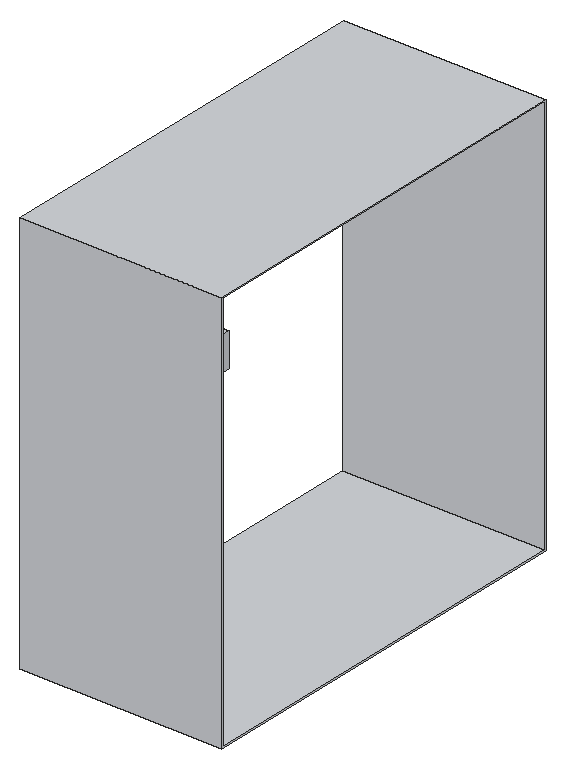
Revit family "RWS", category Duct Accessories, Revit 2021
Family settings
  Round Connector Dimension = Use Diameter
  Part Type = Attaches To
  Work Plane-Based = Yes
  Always vertical = Yes
  Cut with Voids When Loaded = No
  Shared = No
Parameters
  Width [instance] = 1' - 0"
  TS_Point_Number [instance] = GTP_PointNumber_0  # ""
  TS_Point_Description [instance] = "RWS"
  Length [instance] = 0' - 6"
  Height [instance] = 1' - 0"
  GTP_PointRole_0 [instance] = ""
  GTP_PointNumber_0 [instance] = ""
  GTP_PointElement_0 [instance] = ""
  GTP_LinkedParam_0 [instance] = "GTP_PointNumber_0"
  Default Elevation = 4' - 0"
Reference planes (in)
  plane 1 "Center (Front/Back)": y = 0
  plane 2: z = 0
  plane 3 "Center (Left/Right)": x = 0
  plane 4: x = 6
Forms (in)
  Extrusion 1, solid
    sketch origin (0, 0, 0) x (0, 1, 0) y (0, 0, 1)
      loop
        line (-6, 6) -> (-6, -6) -> (6, -6) -> (6, 6) -> (-6, 6)
      loop
        line (-5.96875, 5.96875) -> (-5.96875, -5.96875) -> (5.96875, -5.96875) -> (5.96875, 5.96875) -> (-5.96875, 5.96875)
    from 0 to 6
Dimensions and locks (in)
  locked: Extrusion 1 sketch curve to Extrusion 1 sketch curve at 0.03125  (x4)
  equal spacing: Extrusion 1 sketch curve, nested 1, Extrusion 1 sketch curve  (x2)
  "Width": Extrusion 1 sketch curve to Extrusion 1 sketch curve
  "Height": Extrusion 1 sketch curve to Extrusion 1 sketch curve
  "Length": plane 3 "Center (Left/Right)" to plane 4
  aligned and locked: plane 2 to level
  aligned and locked: plane 4 to Extrusion 1
  aligned and locked: plane 1 "Center (Front/Back)" to nested 1
  aligned and locked: level to nested 1
  aligned and locked: nested 1 to plane 3 "Center (Left/Right)"
Nested families (in)
  nested 1: "GTP" at (0.5, 0, 0), PointNumber <- "GTP_PointNumber_0", PointRole <- "GTP_PointRole_0", PointElement <- "GTP_PointElement_0", LinkedParam <- "GTP_LinkedParam_0", PointDescription <- "TS_Point_Description", type "Generic Pt"
    with PointRole "", PointNumber "", PointElement "", PointDescription "RWS", LinkedParam "GTP_PointNumber_0"
Definition of nested family "GTP"
  Parameters (values of type "Generic Pt")
    URL = ""
    PointRole [instance] = "Stake Out"
    PointNumber [instance] = ""
    PointElement [instance] = ""
    PointDescription [instance] = "Generic Pt"
    Manufacturer = "Autodesk Inc."
    LinkedParam [instance] = ""
    Default Elevation = 0' - 0"
  Reference planes (in)
    plane 1 "Center (Front/Back)": y = 0
    plane 2: z = 0
    plane 3 "Center (Left/Right)": x = 0
  Forms (in)
    Extrusion 1, solid, detail levels medium+fine
      sketch origin (0, 0, 0) x (1, 0, 0) y (0, 1, 0)
        loop
          line (0.5, -0.5) -> (0.5, 0.5) -> (-0.5, 0.5) -> (-0.5, -0.5) -> (0.5, -0.5)
      from -0.5 to 0.5
  Lines and regions (in)
    model lines, detail levels coarse+medium
      curve 1: line (0, 0.5, 0) -> (0, 0, 0)
      curve 2: line (-0.5, 0, 0) -> (0, 0, 0)
      curve 3: line (0, 0, -0.5) -> (0, 0, 0)
      curve 4: line (0, 0, 0) -> (0.5, 0, 0)
      curve 5: line (0, 0, 0) -> (0, -0.5, 0)
      curve 6: line (0, 0, 0) -> (0, 0, 0.5)
